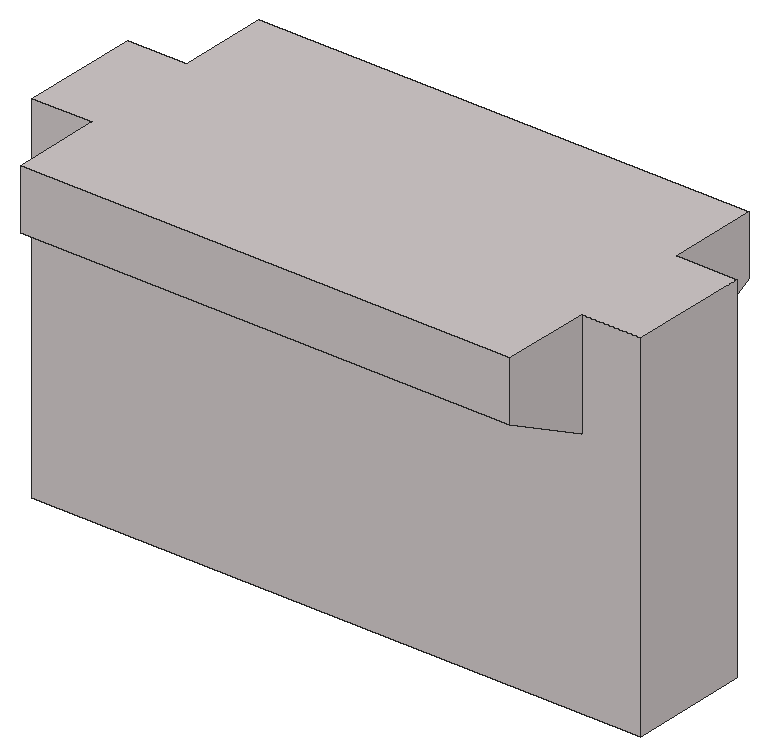
Revit family "M_Viga mestre em T-Pré-moldada-Paralela", category Quadro estrutural, Revit 2019
Family settings
  Exibir em vistas ocultas = Arestas ocultadas por outros membros
  Arredondamento do comprimento do framing estrutural = 0 mm
  Forma do corte = Não definido
  Material para o comportamento do modelo = Concreto pré-moldado
  Exportar sempre como geometria = Não
  Número OmniClass = 23.25.30.11.14.14
  Título OmniClass = Beams
  ID de item do Seek = Precast-Girder T-Parallel-0000-CAN-ENU
  Sempre na vertical = Sim
  Corte com vazios quando carregada = Não
  Representação simbólica = Da família
  Compartilhado = Não
  Exibir o pré-corte da família na vista da planta = Sim
Parameters (values of type "600x200")
  Peso da vara de tirante [instance] = 30
  Vara de tirante W [instance] = (Peso da vara de tirante) * 9.80 kN / 1000  # 0.294 kN
  Structural Material [instance] = Concreto - Moldado in loco - 35 MPa
  Peso do vergalhão simples [instance] = 50
  Vergalhão em W simples [instance] = (Peso do vergalhão simples * 9.80 kN) / 1000  # 0.49 kN
  Peso das grades de vergalhão [instance] = 100
  Grades de vergalhão W [instance] = (Peso das grades de vergalhão * 9.80 kN) / 1000  # 0.98 kN
  Comprimento 1 = 100 mm
  D3 = 80 mm
  D2 = 100 mm
  B1 = 200 mm
  Código de montagem = "B10"
  Length [instance] = 1524 mm
  B2 = 500 mm
  D1 = 600 mm
Types (3, lengths in mm): name | Comprimento 1 | D3 | D2 | B1 | D1
  (no name) | 100 | 80 | 100 | 200 | 600
  600x200 | 100 | 80 | 100 | 200 | 600
  900x300 | 152.4 | 60 | 200 | 300 | 900
Reference planes
  plane 1 "Centro (Frente/Trás)": y = 0
  plane 2: z = 0
  plane 3 "Centro (Esquerda/Direita)": x = 4.61
  plane 4 "Membro esquerdo": x = -506.19
  plane 5 "Membro direito": x = 516.61
  plane 6: y = 250
  plane 7: y = -250
  plane 8 "D1": z = 300
  plane 9 "Inferior": z = -300
  plane 10 "Esquerda": x = -757.39
  plane 11 "Direita": x = 766.61
  plane 12: y = 100
  plane 13: y = -100
  plane 14: x = -406.19
  plane 15: x = 416.61
  plane 16: x = 5.21
  plane 17: z = 200
  plane 18 "D2": z = 300
  plane 19 "D4": z = 300
  plane 20: z = 200
  plane 21: z = 120
  plane 22: z = 120
Forms (mm)
  Blend 1, solid, material "Concreto - Moldado in loco - 35 MPa" <- "Structural Material"
    base sketch origin (4.61, 0, 0) x (0, 1, 0) y (0, 0, 1)
      loop
        line (250, 300) -> (-250, 300) -> (-250, 200) -> (-100, 120) -> (-100, -300) -> (100, -300) -> (100, 120) -> (250, 200) -> (250, 300)
    top sketch origin (4.61, 0, 0) x (0, 1, 0) y (0, 0, 1)
      loop
        line (250, 300) -> (-250, 300) -> (-250, 200) -> (-100, 120) -> (-100, -300) -> (100, -300) -> (100, 120) -> (250, 200) -> (250, 300)
    from 0.6 to 412
  Blend 2, solid, material "Concreto - Moldado in loco - 35 MPa" <- "Structural Material"
    base sketch origin (429.51, 0, 0) x (0, 1, 0) y (0, 0, -1)
      loop
        line (250, -300) -> (250, -200) -> (100, -120) -> (100, 300) -> (-100, 300) -> (-100, -120) -> (-250, -200) -> (-250, -300) -> (250, -300)
    top sketch origin (429.51, 0, 0) x (0, 1, 0) y (0, 0, -1)
      loop
        line (250, -300) -> (250, -200) -> (100, -120) -> (100, 300) -> (-100, 300) -> (-100, -120) -> (-250, -200) -> (-250, -300) -> (250, -300)
    from 424.3 to 835.7
  Blend 3, solid, material "Concreto - Moldado in loco - 35 MPa" <- "Structural Material"
    base sketch origin (4.61, 0, 0) x (0, 1, 0) y (0, 0, 1)
      loop
        line (100, 300) -> (-100, 300) -> (-100, -300) -> (100, -300) -> (100, 300)
    top sketch origin (4.61, 0, 0) x (0, 1, 0) y (0, 0, 1)
      loop
        line (100, -300) -> (100, 300) -> (-100, 300) -> (-100, -300) -> (100, -300)
    from 412 to 512
  Blend 4, solid, material "Concreto - Moldado in loco - 35 MPa" <- "Structural Material"
    base sketch origin (429.51, 0, 0) x (0, 1, 0) y (0, 0, -1)
      loop
        line (100, -300) -> (100, 300) -> (-100, 300) -> (-100, -300) -> (100, -300)
    top sketch origin (429.51, 0, 0) x (0, 1, 0) y (0, 0, -1)
      loop
        line (100, 300) -> (-100, 300) -> (-100, -300) -> (100, -300) -> (100, 300)
    from 835.7 to 935.7
Cuts and joins
  joined: Blend 1, Blend 2, Blend 3, Blend 4
Dimensions and locks
  "B2": plane 6 to plane 7
  equal spacing: plane 9 "Inferior", plane 2, plane 8 "D1"
  equal spacing: plane 6, plane 1 "Centro (Frente/Trás)", plane 7
  "D1": plane 9 "Inferior" to plane 8 "D1"
  "Length": plane 10 "Esquerda" to plane 11 "Direita"
  "B1": plane 12 to plane 13
  equal spacing: plane 12, plane 1 "Centro (Frente/Trás)", plane 13
  "D2": plane 8 "D1" to plane 17
  "D2": plane 20 to plane 19 "D4"
  level to Blend 2 sketch curve = 300 mm
  equal spacing: plane 14, plane 16, plane 15
  "D3": plane 17 to plane 21
  "D3": plane 20 to plane 22
  "Comprimento 1": plane 4 "Membro esquerdo" to plane 14
  "Comprimento 1": plane 15 to plane 5 "Membro direito"
  aligned and locked: plane 8 "D1" to Blend 1 sketch curve
  aligned and locked: plane 7 to Blend 1 sketch curve  (x2)
  aligned and locked: Blend 1 sketch curve to plane 6  (x2)
  aligned and locked: plane 17 to Blend 1 sketch curve
  aligned and locked: Blend 1 to plane 16
  aligned and locked: plane 7 to Blend 2 sketch curve  (x2)
  aligned and locked: plane 8 "D1" to Blend 2 sketch curve
  aligned and locked: Blend 2 sketch curve to plane 6  (x2)
  aligned and locked: plane 16 to Blend 2
  aligned and locked: Blend 3 sketch curve to var sketch
  aligned and locked: Blend 3 sketch curve to plane 13
  aligned and locked: plane 12 to Blend 3 sketch curve
  aligned and locked: Blend 3 sketch curve to plane 12
  aligned and locked: plane 13 to Blend 3 sketch curve
  aligned and locked: Blend 4 sketch curve to plane 13
  aligned and locked: Blend 4 sketch curve to plane 12
  aligned and locked: plane 13 to Blend 4 sketch curve
  aligned and locked: plane 9 "Inferior" to Blend 4 sketch curve
  aligned and locked: Blend 4 sketch curve to plane 9 "Inferior"
  aligned and locked: plane 12 to Blend 4 sketch curve
  aligned and locked: plane 9 "Inferior" to Blend 3 sketch curve
  aligned and locked: Blend 2 to plane 14
  aligned and locked: plane 18 "D2" to Blend 4 sketch curve
  aligned and locked: plane 18 "D2" to Blend 3 sketch curve
  aligned and locked: plane 19 "D4" to Blend 1 sketch curve
  aligned and locked: Blend 1 to plane 15
  aligned and locked: plane 19 "D4" to Blend 4 sketch curve
  aligned and locked: plane 14 to Blend 4
  aligned and locked: Blend 2 sketch curve to cut or joined group of Blend 1, Blend 2, Blend 3, Blend 4
  aligned and locked: Blend 2 sketch curve to plane 9 "Inferior"
  aligned and locked: plane 12 to Blend 2 sketch curve
  aligned and locked: plane 21 to Blend 2 sketch curve  (x2)
  aligned and locked: Blend 2 sketch curve to var sketch
  aligned and locked: Blend 3 sketch curve to plane 19 "D4"
  aligned and locked: plane 15 to Blend 3
  aligned and locked: cut or joined group of Blend 1, Blend 2, Blend 3, Blend 4 to Blend 1 sketch curve  (x2)
  aligned and locked: Blend 1 sketch curve to var sketch
  aligned and locked: var sketch to Blend 1 sketch curve
  aligned and locked: plane 8 "D1" to plane 19 "D4"
  aligned and locked: plane 18 "D2" to plane 8 "D1"
  aligned and locked: plane 2 to level
  aligned and locked: plane 4 "Membro esquerdo" to Blend 4
  aligned and locked: Blend 3 to plane 5 "Membro direito"
Automatic sketch dimensions
  Blend 2 sketch curve to plane 17 = 0 mm  (x2)
  Blend 2 sketch curve to plane 12 = 0 mm
  Blend 2 sketch curve to plane 19 "D4" = 0 mm
  Blend 2 sketch curve to plane 20 = 0 mm  (x2)
  Blend 2 sketch curve to plane 13 = 0 mm
  Blend 2 sketch curve to plane 22 = 0 mm  (x2)
  Blend 1 sketch curve to plane 17 = 0 mm
  Blend 1 sketch curve to plane 12 = 0 mm  (x2)
  Blend 1 sketch curve to plane 21 = 0 mm  (x2)
  Blend 1 sketch curve to plane 20 = 0 mm  (x2)
  Blend 1 sketch curve to plane 22 = 0 mm  (x2)
